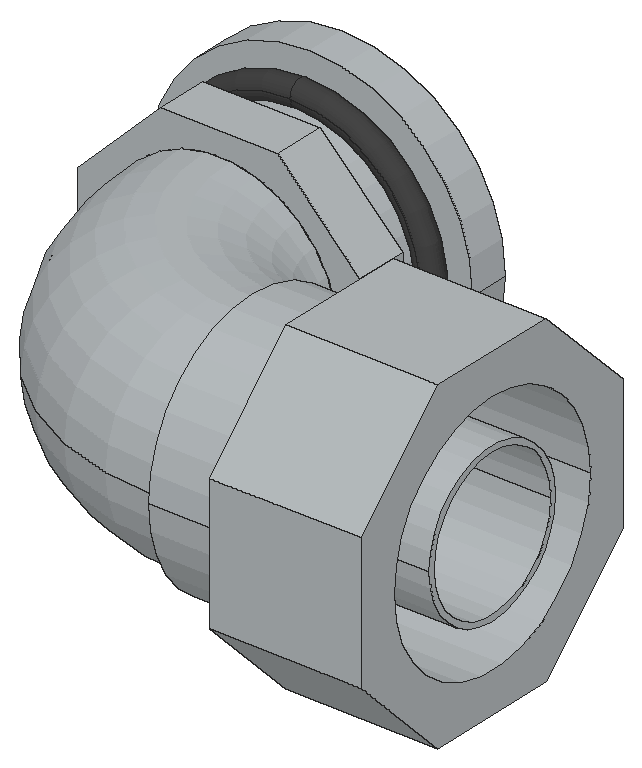
Revit family "ZETA_Резьбовой_Крепежный_Элемент_Металлорукав-КорпусОборудования_РКН-90_15_20_25", category Соединительные детали коробов, Revit 2021
Family settings
  Размер круглого соединителя = Использовать диаметр
  Тип детали = Заглушка
  На основе рабочей плоскости = Нет
  Всегда вертикально = Нет
  При загрузке вырезать с полостями = Нет
  Общий = Нет
Parameters (values of type "DN15 90 - G1/2''")
  Тип соединения = "компрессионное"  # constant formula
  Температура эксплуатации в стационарном состоянии = "от -40 до +100 °С"  # constant formula
  Температура транспортировки, монтажа и эксплуатации = "от -25 до +100 °С"  # constant formula
  Размер резьбы = size_lookup(LT, "Размер резьбы", "", DN)  # "G1/2"
  Отметка по умолчанию = 0 mm
  Description = "Резьбовой крепежный элемент РКн 90, предназначен для герметичного\r\nсоединения металлорукава типов МРПИ, МПГ, ШЭМ, РЗ-Ц, РЗ-ЦХ, РЗ-ЦА и других, с\r\nметаллическим корпусом электрооборудования под углом 90гр (щиты, шкафы,\r\nкоробки и др.) в трубных системах электропроводки, с обеспечением надёжного\r\nэлектрического контакта между металлическим корпусом и металлорукавом в\r\nсоответствии с п. 1.7.77 Правил устройства электроустановок и п.11 ГОСТ Р МЭК\r\n61386.23-2015\r"  # constant formula
  Материал уплотнителя = Zeta_Резина маслостойкая
  Материал корпуса = Zeta_Сплав цинка
  Марка = ""
  Код классификации по ГОСТ Р МЭК 61386.1-2014 = "024101542203"  # constant formula
  Климатическое исполнение = "У2"  # constant formula
  Изготовитель = "АО «ЗЭТА»"  # constant formula
  Изготавливается по = "ТУ 27.33.13.130-046-99856433-2020"  # constant formula
  r2 = r1 - 1.5 mm  # 8.98 mm
  r1 = size_lookup(LT, "r1", 10.5 mm, DN)  # 10.48 mm
  l7 = size_lookup(LT, "l7", 22 mm, DN)  # 22 mm
  l6 = size_lookup(LT, "l6", 15.8 mm, DN)  # 15.8 mm
  l5 = size_lookup(LT, "l5", 3.8 mm, DN)  # 3.8 mm
  l4 = size_lookup(LT, "l4", 3.7 mm, DN)  # 3.7 mm
  l3 = size_lookup(LT, "l3", 2.3 mm, DN)  # 2.3 mm
  l2 = size_lookup(LT, "l2", 4.9 mm, DN)  # 4.9 mm
  l1 = size_lookup(LT, "l1", 18 mm, DN)  # 18 mm
  URL = "https://nzeta.ru/"
  S1 = size_lookup(LT, "S1", 30 mm, DN)  # 30 mm
  S2 = size_lookup(LT, "S2", 26 mm, DN)  # 26 mm
  LT = "РКН-90"  # constant formula
  Dмр1 = Dмр - 1 mm  # 13.5 mm
  Dмр = size_lookup(LT, "Dмр", 14.5 mm, DN)  # 14.5 mm
  Dr = S2 - (l4 / 2)  # 24.15 mm
  DN = 15 mm
  Ds = Dr - l3  # 21.85 mm
  D1 = size_lookup(LT, "D1", 22.7 mm, DN)  # 22.7 mm
  B = size_lookup(LT, "B", 20.7 mm, DN)  # 20.7 mm
  ADSK_Ток = 0 A  # constant formula
  ADSK_Степень защиты_IP = "IP54"  # constant formula
  ADSK_Размер_Ширина = size_lookup(LT, "ADSK_Размер_Ширина", 48.8 mm, DN)  # 48.8 mm
  ADSK_Размер_УголПоворота [instance] = 0.00°
  ADSK_Размер_Длина = size_lookup(LT, "ADSK_Размер_Длина", 52.8 mm, DN)  # 52.8 mm
  ADSK_Размер_Высота = S1  # 30 mm
  ADSK_Пусковой ток = 0 A  # constant formula
  ADSK_Примечание [instance] = ""
  ADSK_Предел огнестойкости экземпляра = ""
  ADSK_Предел огнестойкости = ""
  ADSK_Полная мощность = 0 VA  # constant formula
  ADSK_Позиция на схеме [instance] = ""
  ADSK_Позиция [instance] = ""
  ADSK_Обозначение = "РКН-90"  # constant formula
  ADSK_Номинальная мощность = 0 W  # constant formula
  ADSK_Номер стояка [instance] = ""
  ADSK_Напряжение = 0 V  # constant formula
  ADSK_Наименование краткое = size_lookup(LT, "ADSK_Наименование краткое", "", DN)  # "Резьбовой крепежный элемент РКн 90 15"
  ADSK_Наименование = size_lookup(LT, "ADSK_Наименование", "", DN)  # "Поворотный резьбовой крепежный элемент РКН-15 (90 угол) У2 IP54 ГОФРОМАТИК"
  ADSK_Материал наименование = "Сплав цинка"  # constant formula
  ADSK_Масса_Текст = size_lookup(LT, "ADSK_Масса_Текст", "5", DN)  # "0.069"
  ADSK_Масса = size_lookup(LT, "ADSK_Масса", 5, DN)  # 0.069
  ADSK_Марка = size_lookup(LT, "ADSK_Марка", "", DN)  # "РКН-90 15"
  ADSK_Кратность пускового тока = 0  # constant formula
  ADSK_Количество = 1  # constant formula
  ADSK_Код изделия = size_lookup(LT, "ADSK_Код изделия", "", DN)  # "zeta41210"
  ADSK_Классификация нагрузок = Прочее
  ADSK_КПД = 0  # constant formula
  ADSK_Завод-изготовитель = "АО «ЗЭТА»"  # constant formula
  ADSK_Единица измерения = "шт"  # constant formula
  ADSK_Версия семейства = "v.1"  # constant formula
  ADSK_Версия Revit = "2021"  # constant formula
  ADSK_URL страницы изделия = "https://nzeta.ru/catalog/?q=zeta41210"
  ADSK_URL документации изделия = "https://nzeta.ru/upload/uf/571/o5n1q970cql8svezhwfyxoa4vt1sgoju/passport.pdf"
Types (3, lengths in mm): name | Размер резьбы | r2 | r1 | l7 | l6 | l5 | l4 | l3 | l2 | l1 | S1 | S2 | Dмр1 | Dмр | Dr | DN | Ds | D1 | B | ADSK_Размер_Ширина | ADSK_Размер_Длина | ADSK_Размер_Высота | ADSK_Наименование краткое | ADSK_Наименование | ADSK_Масса_Текст | ADSK_Масса | ADSK_Марка | ADSK_Код изделия | ADSK_URL страницы изделия
  DN15 90 - G1/2'' | "G1/2" | 8.98 | 10.48 | 22 | 15.8 | 3.8 | 3.7 | 2.3 | 4.9 | 18 | 30 | 26 | 13.5 | 14.5 | 24.15 | 15 | 21.85 | 22.7 | 20.7 | 48.8 | 52.8 | 30 | "Резьбовой крепежный элемент РКн 90 15" | "Поворотный резьбовой крепежный элемент РКН-15 (90 угол) У2 IP54 ГОФРОМАТИК" | "0.069" | 0.069 | "РКН-90 15" | "zeta41210" | "https://nzeta.ru/catalog/?q=zeta41210"
  DN20 90 - G3/4'' | "G3/4" | 11.72 | 13.22 | 23.3 | 20.8 | 4.1 | 4 | 2.7 | 5.8 | 18.5 | 33.5 | 33.5 | 18.1 | 19.1 | 31.5 | 20 | 28.8 | 27.5 | 26.6 | 56.1 | 60.9 | 33.5 | "Резьбовой крепежный элемент РКн 90 20" | "Поворотный резьбовой крепежный элемент РКН-20 (90 угол) У2 IP54 ГОФРОМАТИК" | "0.11" | 0.11 | "РКН-90 20" | "zeta41211" | "https://nzeta.ru/catalog/?q=zeta41211"
  DN25 90 - G1'' | "G1" | 15.125 | 16.625 | 24.3 | 26.9 | 3.1 | 4.5 | 3 | 7 | 19.8 | 43.6 | 42 | 22.7 | 23.7 | 39.75 | 25 | 36.75 | 33.8 | 33.9 | 68.5 | 73 | 43.6 | "Резьбовой крепежный элемент РКн 90 25" | "Поворотный резьбовой крепежный элемент РКН-25 (90 угол) У2 IP54 ГОФРОМАТИК" | "0.16" | 0.16 | "РКН-90 25" | "zeta41212" | "https://nzeta.ru/catalog/?q=zeta41212"
Reference planes
  plane 1 "По центру (Вперед/Назад)": y = 0
  plane 2: z = 0
  plane 3 "По центру (Влево/Вправо)": x = 0
  plane 4: y = -15.8
  plane 5: y = 18
  plane 6: y = 10.5
  plane 7: y = 8.2
  plane 8: x = 13
  plane 9: x = -13
  plane 10: z = 13
  plane 11: z = -13
  plane 12: z = 15
  plane 13: z = -15
  plane 14: x = 15
  plane 15: x = -15
  plane 16: y = 14.2
  plane 17: y = 4.9
  plane 18: y = 9.35
  plane 19: x = 15.8
  plane 20: x = 37.8
  plane 21: x = 23.8
Forms (mm)
  Extrusion 1, solid, material "Zeta_Сплав цинка" <- "Материал корпуса", detail levels fine
    sketch origin (0, 0, 0) x (1, 0, 0) y (0, 0, 1)
      loop
        line (-13, -5.385) -> (-5.385, -13) -> (5.385, -13) -> (13, -5.385) -> (13, 5.385) -> (5.385, 13) -> (-5.385, 13) -> (-13, 5.385) -> (-13, -5.385)
    from -4.9 to 0
  Extrusion 2, solid, material "Zeta_Сплав цинка" <- "Материал корпуса", detail levels medium+fine
    sketch origin (0, 0, 0) x (1, 0, 0) y (0, 0, 1)
      loop
        circle (0, 0) r 15
    from -14.2 to -10.5
  Revolve 3, solid, material "Zeta_Сплав цинка", detail levels medium+fine
    sketch origin (0, 0, 0) x (0, 1, 0) y (0, 0, 1)
      loop
        line (14.2, 0) -> (18, 0) -> (18, 10.48) -> (14.2, 10.48) -> (14.2, 0)
      axis (14.2, 0) -> (18, 0)
    angle from 0 to 360
  Sweep 4, solid, material "Zeta_Чёрный", detail levels fine
    path origin (4267.2, 9.35, 18.456) x (0, 0, 1) y (1, 0, 0)
      loop
        circle (-18.456, -4267.2) r 12.075
    profile origin (-12.075, 9.35, 0) x (0, 1, 0) y (-1, 0, 0)
      loop
        circle (0, 0) r 1.15
  Extrusion 5, solid, material "Zeta_Сплав цинка" <- "Материал корпуса", detail levels medium+fine
    sketch origin (0, 0, 0) x (1, 0, 0) y (0, 0, 1)
      loop
        circle (0, 0) r 10.925
    from -10.5 to 0
  Extrusion 6, solid, material "Zeta_Сплав цинка" <- "Материал корпуса", detail levels medium+fine
    sketch origin (0, 0, 0) x (0, 1, 0) y (0, 0, 1)
      loop
        circle (-15.8, 0) r 12.075
      loop
        circle (-15.8, 0) r 10.48
    from 15.8 to 23.8
  Extrusion 7, solid, material "Zeta_Сплав цинка" <- "Материал корпуса", detail levels medium+fine
    sketch origin (0, 0, 0) x (0, 1, 0) y (0, 0, 1)
      loop
        line (-22.013, 15) -> (-30.8, 6.213) -> (-30.8, -6.213) -> (-22.013, -15) -> (-9.587, -15) -> (-0.8, -6.213) -> (-0.8, 6.213) -> (-9.587, 15) -> (-22.013, 15)
    from 23.8 to 37.8
  Extrusion 8, void
    sketch origin (0, 0, 0) x (1, 0, 0) y (0, 0, 1)
      loop
        circle (0, 0) r 8.98
    from -18 to 0
  Extrusion 9, void
    sketch origin (0, 0, 0) x (0, 1, 0) y (0, 0, 1)
      loop
        circle (-15.8, 0) r 11.35
      loop
        circle (-15.8, 0) r 7.25
      loop
        circle (-15.8, 0) r 6.75
    from 15.8 to 37.8
  SweptBlend 10, solid, material "Zeta_Сплав цинка" <- "Материал корпуса", detail levels medium+fine
    path in 3D
      loop
        arc (0, 0, 0) -> (4.628, -11.172, 0) -> (15.8, -15.8, 0) r 15.8
    profile origin (0, 0, 0) x (1, 0, 0) y (0, 0, 1)
      loop
        circle (0, 0) r 10.925
    end profile origin (15.8, -15.8, 0) x (0, 1, 0) y (0, 0, 1)
      loop
        circle (0, 0) r 10.925
  SweptBlend 11, void
    path in 3D
      loop
        arc (0, 0, 0) -> (4.628, -11.172, 0) -> (15.8, -15.8, 0) r 15.8
    profile origin (0, 0, 0) x (1, 0, 0) y (0, 0, 1)
      loop
        circle (0, 0) r 10.48
    end profile origin (15.8, -15.8, 0) x (0, 1, 0) y (0, 0, 1)
      loop
        circle (0, 0) r 10.48
Cuts and joins
  Extrusion 8 cuts Revolve 3
  Extrusion 8 cuts Extrusion 5
  Extrusion 8 cuts Extrusion 1
  Extrusion 8 cuts Extrusion 2
  Extrusion 9 cuts Extrusion 7
  SweptBlend 11 cuts SweptBlend 10
Lines and regions (mm)
  model lines, detail levels coarse+medium
    curve 1: line (0, 18, 0) -> (0, 0, 0)
    curve 2: line (37.8, -15.8, 0) -> (15.8, -15.8, 0)
  model lines, style "ConduitFitting", detail levels coarse+medium
    curve 3: arc (0, 0, 0) -> (4.628, -11.172, 0) -> (15.8, -15.8, 0) r 15.8
  sketch lines
    curve 4: arc (0, 0, 0) -> (4.628, -11.172, 0) -> (15.8, -15.8, 0) r 15.8
    curve 5: arc (0, 0, 0) -> (4.628, -11.172, 0) -> (15.8, -15.8, 0) r 15.8
Dimensions and locks
  equal spacing: plane 10, level, plane 11
  equal spacing: plane 8, plane 3 "По центру (Влево/Вправо)", plane 9
  "S2": plane 8 to plane 9
  "S2": plane 10 to plane 11
  equal spacing: Extrusion 1 sketch curve, Extrusion 1 sketch curve, Extrusion 1 sketch curve  (x5)
  equal spacing: plane 12, level, plane 13
  equal spacing: plane 14, plane 3 "По центру (Влево/Вправо)", plane 15
  "S1": plane 14 to plane 15
  "r1": Revolve 3 sketch curve to Revolve 3 sketch curve
  "S1": plane 12 to plane 13
  equal spacing: plane 7, plane 18, plane 6
  "l1": plane 1 "По центру (Вперед/Назад)" to plane 5
  "l5": plane 16 to plane 5
  "l4": plane 6 to plane 16
  "l2": plane 1 "По центру (Вперед/Назад)" to plane 17
  "l3": plane 7 to plane 6
  "l6": plane 4 to plane 1 "По центру (Вперед/Назад)"
  "l7": plane 19 to plane 20
  locked: plane 19 to plane 21 at 8
  equal spacing: Extrusion 7 sketch curve, Extrusion 7 sketch curve, Extrusion 7 sketch curve  (x8)
  equal spacing: Extrusion 7 sketch curve, plane 4, Extrusion 7 sketch curve
  "l6": plane 3 "По центру (Влево/Вправо)" to plane 19
  cut or joined group of Extrusion 7, Extrusion 9 to plane 5 = 48.8 mm
  plane 15 to plane 20 = 52.8 mm
  plane 17 to plane 4 = 20.7 mm
  "S1": diameter of Extrusion 2 sketch curve
  "l3": diameter of Sweep 4 sketch curve
  "Dr": diameter of Sweep 4 sketch curve
  "Ds": diameter of Extrusion 5 sketch curve
  "Dr": diameter of Extrusion 6 sketch curve
  "r2": radius of Extrusion 8 sketch curve
  "r1": radius of Extrusion 6 sketch curve
  "Dмр": diameter of Extrusion 9 sketch curve
  "Dмр1": diameter of Extrusion 9 sketch curve
  "D1": diameter of Extrusion 9 sketch curve
  "l6": radius of curve 3
  "Ds": diameter of SweptBlend 10 sketch curve  (x2)
  "r1": radius of SweptBlend 11 sketch curve  (x2)
  locked: Extrusion 1 sketch curve to Extrusion 1 sketch curve (angle 135.00°)  (x7)
  locked: Extrusion 7 sketch curve to Extrusion 7 sketch curve (angle 135.00°)  (x5)
  aligned and locked: level to plane 2
  aligned and locked: Extrusion 1 sketch curve to plane 9
  aligned and locked: plane 8 to Extrusion 1 sketch curve
  aligned and locked: Extrusion 1 sketch curve to plane 11
  aligned and locked: plane 5 to curve 1
  aligned and locked: Extrusion 2 to plane 6
  aligned and locked: plane 16 to Extrusion 2
  aligned and locked: Extrusion 2 to Revolve 3 sketch curve
  aligned and locked: Revolve 3 sketch curve to Extrusion 2
  aligned and locked: Revolve 3 sketch curve to plane 5
  aligned and locked: plane 17 to Extrusion 1
  aligned and locked: plane 6 to Extrusion 5
  aligned and locked: plane 1 "По центру (Вперед/Назад)" to Extrusion 1
  aligned and locked: Extrusion 6 to plane 19
  aligned and locked: Extrusion 6 to plane 21
  aligned and locked: plane 13 to Extrusion 7 sketch curve
  aligned and locked: Extrusion 7 to Extrusion 6
  aligned and locked: Extrusion 7 to plane 20
  aligned and locked: plane 5 to Extrusion 8
  aligned and locked: plane 1 "По центру (Вперед/Назад)" to Extrusion 8
  aligned and locked: plane 20 to Extrusion 9
  aligned and locked: Extrusion 9 to plane 19
  aligned and locked: plane 1 "По центру (Вперед/Назад)" to Extrusion 5
  aligned and locked: curve 1 to plane 3 "По центру (Влево/Вправо)"
  aligned and locked: plane 20 to curve 2
Automatic sketch dimensions
  plane 12 to Extrusion 7 sketch curve = 0 mm
  curve 2 to plane 4 = 0 mm
  Extrusion 2 sketch curve to level = 0 mm
  Extrusion 2 sketch curve to plane 3 "По центру (Влево/Вправо)" = 0 mm
  Revolve 3 sketch curve to level = 0 mm  (x2)
  Revolve 3 sketch curve to plane 16 = 0 mm
  Revolve 3 sketch curve to plane 5 = 0 mm
  Sweep 4 sketch curve to level = 0 mm
  Sweep 4 sketch curve to plane 3 "По центру (Влево/Вправо)" = 0 mm
  Sweep 4 sketch curve to profile plane = 0 mm  (x2)
  Extrusion 5 sketch curve to level = 0 mm
  Extrusion 5 sketch curve to plane 3 "По центру (Влево/Вправо)" = 0 mm
  Extrusion 6 sketch curve to Extrusion 6 sketch curve = 0 mm  (x2)
  Extrusion 6 sketch curve to level = 0 mm
  Extrusion 6 sketch curve to plane 4 = 0 mm
  Extrusion 8 sketch curve to level = 0 mm
  Extrusion 8 sketch curve to plane 3 "По центру (Влево/Вправо)" = 0 mm
  Extrusion 9 sketch curve to Extrusion 9 sketch curve = 0 mm  (x4)
  Extrusion 9 sketch curve to level = 0 mm
  Extrusion 9 sketch curve to plane 4 = 0 mm
  profile plane to SweptBlend 10 sketch curve = 0 mm
  SweptBlend 10 sketch curve to profile plane = 0 mm  (x3)
  profile plane to SweptBlend 11 sketch curve = 0 mm
  SweptBlend 11 sketch curve to profile plane = 0 mm  (x3)
Connectors
  cabletrayconduit at (23.8, -15.8, 0), diameter 15, driven by "DN"
    settings: on cut or joined group of Extrusion 7, Extrusion 9, index 1, connector width 300 mm, connector height 300 mm, connector angle 0.00°, system type 32, placement type 0, profile type 0, connector reference index 2, is primary connector yes, connector utility param no, connector description ""
  cabletrayconduit at (0, 10.5, 0), diameter 15, driven by "DN"
    settings: on cut or joined group of Extrusion 5, Extrusion 8, index 2, connector width 300 mm, connector height 300 mm, connector angle 0.00°, system type 32, placement type 0, profile type 0, connector reference index 1, is primary connector no, connector utility param no, connector description ""
